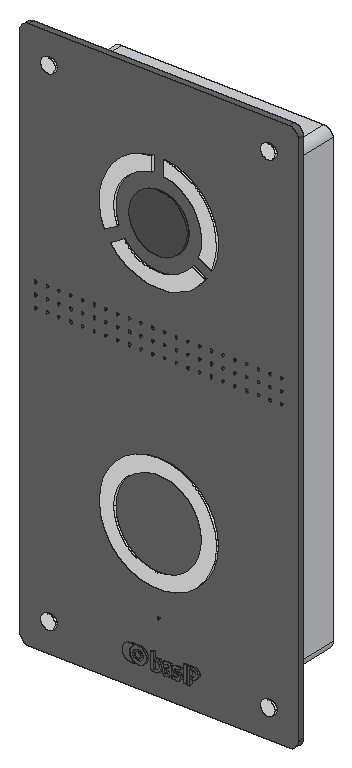
Revit family "BAS-IP_Вызывная панель_AV-04FDI", category Устройства связи, Revit 2019
Family settings
  Сохранять ориентацию аннотаций = Нет
  Размер круглого соединителя = Использовать диаметр
  Тип детали = Нормальный
  На основе рабочей плоскости = Нет
  Всегда вертикально = Да
  При загрузке вырезать с полостями = Нет
  Общий = Нет
  Точка расчета площади = Нет
Parameters (values of type "Черный")
  Цветовое решение = "Черный"
  Угол обзора камеры = "100° (по горизонтали)"
  УГО_Смещение_Y [instance] = 0 mm
  УГО_Смещение_X [instance] = 0 mm
  Тип установки = "Скрытого монтажа"
  Тип панели = "Индивидуальная"
  Температурный режим = "-40 – +65 °С"
  Разрешение = "2 Мп"
  Размер самой панели = "95 x 190 x 27 мм"
  Размер под установку = "85 × 180 × 45 мм"
  Потребление питания = "6,5 Вт, в режиме ожидания - 3,6 Вт"
  Питание = "IEEE 803.2af PoE, +12 В постоянного тока"
  Ночная подсветка = "6 светодиодов"
  Минимальная освещенность = "0,01 Люкс"
  Корпус = "Алюминий"
  Класс степени защиты = "IP65"
  Камера = "1/4”"
  Изготовитель = "BAS-IP"  # constant formula
  Зона обслуживания [instance] = no
  Дисплей = "Нет"
  Выходное видео = "HD (1280 × 720), H.264 Main Profile"
  IK-код = "IK07"
  ADSK_Размер_Смещение от уровня [instance] = 1000 mm
  ADSK_Примечание [instance] = ""
  ADSK_Позиция [instance] = ""
  ADSK_Наименование = "Индивидуальная панель с возможностью подключения индукционной петли"
  ADSK_Материал = Black silver
  ADSK_Марка = "AV-04FDI Black"
  ADSK_Количество = 1  # constant formula
  ADSK_Код изделия = ""
  ADSK_Завод-изготовитель = "BAS-IP"  # constant formula
  ADSK_Единица измерения = "шт."  # constant formula
Types (2, lengths in mm): name | Цветовое решение | ADSK_Материал | ADSK_Марка
  Серебристый | "Серебристый" | Silver | "AV-04FDI Silver"
  Черный | "Черный" | Black silver | "AV-04FDI Black"
Reference planes
  plane 1 "По центру (Вперед/Назад)": y = 0
  plane 2: z = 0
  plane 3 "По центру (Влево/Вправо)": x = 0
  plane 4: z = 1000
  plane 5: z = 0
  plane 6: y = 0
  plane 7: x = 0
Forms (mm)
  Extrusion 1, solid, material "Black silver" <- "ADSK_Материал", detail levels medium+fine
    sketch origin (0, 0, 1000) x (1, 0, 0) y (0, 0, 1)
      loop
        line (-44.5, 0) -> (44.5, 0)
        arc (44.5, 0) -> (46.621, 0.879) -> (47.5, 3) r 3
        line (47.5, 3) -> (47.5, 187)
        arc (47.5, 187) -> (46.621, 189.121) -> (44.5, 190) r 3
        line (44.5, 190) -> (-44.5, 190)
        arc (-44.5, 190) -> (-46.621, 189.121) -> (-47.5, 187) r 3
        line (-47.5, 187) -> (-47.5, 3)
        arc (-47.5, 3) -> (-46.621, 0.879) -> (-44.5, 0) r 3
    from 0 to 2
  Extrusion 2, solid, detail levels medium+fine
    sketch origin (0, 0, 1000) x (1, 0, 0) y (0, 0, 1)
      loop
        arc (-34.5, 175) -> (-36.621, 174.121) -> (-37.5, 172) r 3
        line (-37.5, 172) -> (-37.5, 18)
        arc (-37.5, 18) -> (-36.621, 15.879) -> (-34.5, 15) r 3
        line (-34.5, 15) -> (34.5, 15)
        arc (34.5, 15) -> (36.621, 15.879) -> (37.5, 18) r 3
        line (37.5, 18) -> (37.5, 172)
        arc (37.5, 172) -> (36.621, 174.121) -> (34.5, 175) r 3
        line (34.5, 175) -> (-34.5, 175)
    from -25 to 0
  Extrusion 3, void
    sketch origin (0, 0, 1006.875) x (1, 0, 0) y (0, 0, 1)
      loop
        circle (0, 17.16) r 0.5
    from 1 to 2
  Extrusion 4, solid, material "Black", detail levels fine
    sketch origin (0, 0.5, 1010) x (1, 0, 0) y (0, 0, 1)
      loop
        circle (0, 135.001) r 10
    from 2 to 3
  Extrusion 5, solid, material "White", detail levels fine
    sketch origin (0, 0.5, 1010) x (1, 0, 0) y (0, 0, 1)
      loop
        arc (-2, 154.901) -> (-17.321, 145.001) -> (-18.234, 126.783) r 20
        line (-18.234, 126.783) -> (-13.874, 129.3)
        arc (-13.874, 129.3) -> (-12.99, 142.501) -> (-2, 149.867) r 15
        line (-2, 149.867) -> (-2, 154.901)
      loop
        line (2, 154.901) -> (2, 149.867)
        arc (2, 149.867) -> (12.99, 142.501) -> (13.874, 129.3) r 15
        line (13.874, 129.3) -> (18.234, 126.783)
        arc (18.234, 126.783) -> (17.321, 145.001) -> (2, 154.901) r 20
      loop
        line (16.234, 123.319) -> (11.874, 125.836)
        arc (11.874, 125.836) -> (0, 120.001) -> (-11.874, 125.836) r 15
        line (-11.874, 125.836) -> (-16.234, 123.319)
        arc (-16.234, 123.319) -> (0, 115.001) -> (16.234, 123.319) r 20
    from 2 to 3
  Extrusion 6, void
    sketch origin (0, 0, 1001.562) x (1, 0, 0) y (0, 0, 1)
      loop
        circle (-2, 110.476) r 0.5
      loop
        circle (-6, 110.476) r 0.5
      loop
        circle (-10, 110.476) r 0.5
      loop
        circle (2, 110.476) r 0.5
      loop
        circle (6, 110.476) r 0.5
      loop
        circle (10, 110.476) r 0.5
      loop
        circle (-2, 106.476) r 0.5
      loop
        circle (-6, 106.476) r 0.5
      loop
        circle (-10, 106.476) r 0.5
      loop
        circle (2, 106.476) r 0.5
      loop
        circle (6, 106.476) r 0.5
      loop
        circle (10, 106.476) r 0.5
      loop
        circle (-2, 102.476) r 0.5
      loop
        circle (-6, 102.476) r 0.5
      loop
        circle (-10, 102.476) r 0.5
      loop
        circle (2, 102.476) r 0.5
      loop
        circle (6, 102.476) r 0.5
      loop
        circle (10, 102.476) r 0.5
    from 0 to 2
  Extrusion 7, void
    sketch origin (-23.971, 0, 1001.562) x (1, 0, 0) y (0, 0, 1)
      loop
        circle (-2, 110.476) r 0.5
      loop
        circle (-6, 110.476) r 0.5
      loop
        circle (-10, 110.476) r 0.5
      loop
        circle (2, 110.476) r 0.5
      loop
        circle (6, 110.476) r 0.5
      loop
        circle (10, 110.476) r 0.5
      loop
        circle (-2, 106.476) r 0.5
      loop
        circle (-6, 106.476) r 0.5
      loop
        circle (-10, 106.476) r 0.5
      loop
        circle (2, 106.476) r 0.5
      loop
        circle (6, 106.476) r 0.5
      loop
        circle (10, 106.476) r 0.5
      loop
        circle (-2, 102.476) r 0.5
      loop
        circle (-6, 102.476) r 0.5
      loop
        circle (-10, 102.476) r 0.5
      loop
        circle (2, 102.476) r 0.5
      loop
        circle (6, 102.476) r 0.5
      loop
        circle (10, 102.476) r 0.5
      loop
        circle (-14, 110.476) r 0.5
      loop
        circle (-14, 106.476) r 0.5
      loop
        circle (-14, 102.476) r 0.5
      loop
        circle (-18, 110.476) r 0.5
      loop
        circle (-18, 106.476) r 0.5
      loop
        circle (-18, 102.476) r 0.5
      loop
        circle (49.941, 110.476) r 0.5
      loop
        circle (53.941, 110.476) r 0.5
      loop
        circle (57.941, 110.476) r 0.5
      loop
        circle (45.941, 110.476) r 0.5
      loop
        circle (41.941, 110.476) r 0.5
      loop
        circle (37.941, 110.476) r 0.5
      loop
        circle (49.941, 106.476) r 0.5
      loop
        circle (53.941, 106.476) r 0.5
      loop
        circle (57.941, 106.476) r 0.5
      loop
        circle (45.941, 106.476) r 0.5
      loop
        circle (41.941, 106.476) r 0.5
      loop
        circle (37.941, 106.476) r 0.5
      loop
        circle (49.941, 102.476) r 0.5
      loop
        circle (53.941, 102.476) r 0.5
      loop
        circle (57.941, 102.476) r 0.5
      loop
        circle (45.941, 102.476) r 0.5
      loop
        circle (41.941, 102.476) r 0.5
      loop
        circle (37.941, 102.476) r 0.5
      loop
        circle (61.941, 110.476) r 0.5
      loop
        circle (61.941, 106.476) r 0.5
      loop
        circle (61.941, 102.476) r 0.5
      loop
        circle (65.941, 110.476) r 0.5
      loop
        circle (65.941, 106.476) r 0.5
      loop
        circle (65.941, 102.476) r 0.5
    from 1 to 2
  Extrusion 8, solid, material "White", detail levels fine
    sketch origin (0, 0.5, 1008.125) x (1, 0, 0) y (0, 0, 1)
      loop
        circle (0, 45.001) r 20
      loop
        circle (0, 45.001) r 15
    from 2 to 3
  Extrusion 9, solid, material "Gray silver", detail levels fine
    sketch origin (0, 0, 1000) x (1, 0, 0) y (0, 0, 1)
      loop
        circle (-37.5, 180) r 2.5
      loop
        circle (37.5, 180) r 2.5
      loop
        circle (-37.5, 10) r 2.5
      loop
        circle (37.5, 10) r 2.5
    from 0 to 2.5
  Extrusion 10, solid, material "Black silver" <- "ADSK_Материал", not visible, detail levels medium+fine
    sketch origin (0, 0, 0) x (1, 0, 0) y (0, 0, 1)
      loop
        line (-44.5, 0) -> (44.5, 0)
        arc (44.5, 0) -> (46.621, 0.879) -> (47.5, 3) r 3
        line (47.5, 3) -> (47.5, 187)
        arc (47.5, 187) -> (46.621, 189.121) -> (44.5, 190) r 3
        line (44.5, 190) -> (-44.5, 190)
        arc (-44.5, 190) -> (-46.621, 189.121) -> (-47.5, 187) r 3
        line (-47.5, 187) -> (-47.5, 3)
        arc (-47.5, 3) -> (-46.621, 0.879) -> (-44.5, 0) r 3
    from 0 to 2
  Extrusion 11, solid, not visible, detail levels medium+fine
    sketch origin (0, 0, 0) x (1, 0, 0) y (0, 0, 1)
      loop
        arc (-34.5, 175) -> (-36.621, 174.121) -> (-37.5, 172) r 3
        line (-37.5, 172) -> (-37.5, 18)
        arc (-37.5, 18) -> (-36.621, 15.879) -> (-34.5, 15) r 3
        line (-34.5, 15) -> (34.5, 15)
        arc (34.5, 15) -> (36.621, 15.879) -> (37.5, 18) r 3
        line (37.5, 18) -> (37.5, 172)
        arc (37.5, 172) -> (36.621, 174.121) -> (34.5, 175) r 3
        line (34.5, 175) -> (-34.5, 175)
    from -25 to 0
  Extrusion 12, void, not visible
    sketch origin (0, 0, 6.875) x (1, 0, 0) y (0, 0, 1)
      loop
        circle (0, 17.16) r 0.5
    from 1 to 2
  Extrusion 13, solid, material "Black", not visible, detail levels fine
    sketch origin (0, 0.5, 10) x (1, 0, 0) y (0, 0, 1)
      loop
        circle (0, 135.001) r 10
    from 2 to 3
  Extrusion 14, solid, material "White", not visible, detail levels fine
    sketch origin (0, 0.5, 10) x (1, 0, 0) y (0, 0, 1)
      loop
        arc (-2, 154.901) -> (-17.321, 145.001) -> (-18.234, 126.783) r 20
        line (-18.234, 126.783) -> (-13.874, 129.3)
        arc (-13.874, 129.3) -> (-12.99, 142.501) -> (-2, 149.867) r 15
        line (-2, 149.867) -> (-2, 154.901)
      loop
        line (2, 154.901) -> (2, 149.867)
        arc (2, 149.867) -> (12.99, 142.501) -> (13.874, 129.3) r 15
        line (13.874, 129.3) -> (18.234, 126.783)
        arc (18.234, 126.783) -> (17.321, 145.001) -> (2, 154.901) r 20
      loop
        line (16.234, 123.319) -> (11.874, 125.836)
        arc (11.874, 125.836) -> (0, 120.001) -> (-11.874, 125.836) r 15
        line (-11.874, 125.836) -> (-16.234, 123.319)
        arc (-16.234, 123.319) -> (0, 115.001) -> (16.234, 123.319) r 20
    from 2 to 3
  Extrusion 15, void, not visible
    sketch origin (0, 0, 1.562) x (1, 0, 0) y (0, 0, 1)
      loop
        circle (-2, 110.476) r 0.5
      loop
        circle (-6, 110.476) r 0.5
      loop
        circle (-10, 110.476) r 0.5
      loop
        circle (2, 110.476) r 0.5
      loop
        circle (6, 110.476) r 0.5
      loop
        circle (10, 110.476) r 0.5
      loop
        circle (-2, 106.476) r 0.5
      loop
        circle (-6, 106.476) r 0.5
      loop
        circle (-10, 106.476) r 0.5
      loop
        circle (2, 106.476) r 0.5
      loop
        circle (6, 106.476) r 0.5
      loop
        circle (10, 106.476) r 0.5
      loop
        circle (-2, 102.476) r 0.5
      loop
        circle (-6, 102.476) r 0.5
      loop
        circle (-10, 102.476) r 0.5
      loop
        circle (2, 102.476) r 0.5
      loop
        circle (6, 102.476) r 0.5
      loop
        circle (10, 102.476) r 0.5
    from 0 to 2
  Extrusion 16, void, not visible
    sketch origin (-23.971, 0, 1.563) x (1, 0, 0) y (0, 0, 1)
      loop
        circle (-2, 110.476) r 0.5
      loop
        circle (-6, 110.476) r 0.5
      loop
        circle (-10, 110.476) r 0.5
      loop
        circle (2, 110.476) r 0.5
      loop
        circle (6, 110.476) r 0.5
      loop
        circle (10, 110.476) r 0.5
      loop
        circle (-2, 106.476) r 0.5
      loop
        circle (-6, 106.476) r 0.5
      loop
        circle (-10, 106.476) r 0.5
      loop
        circle (2, 106.476) r 0.5
      loop
        circle (6, 106.476) r 0.5
      loop
        circle (10, 106.476) r 0.5
      loop
        circle (-2, 102.476) r 0.5
      loop
        circle (-6, 102.476) r 0.5
      loop
        circle (-10, 102.476) r 0.5
      loop
        circle (2, 102.476) r 0.5
      loop
        circle (6, 102.476) r 0.5
      loop
        circle (10, 102.476) r 0.5
      loop
        circle (-14, 110.476) r 0.5
      loop
        circle (-14, 106.476) r 0.5
      loop
        circle (-14, 102.476) r 0.5
      loop
        circle (-18, 110.476) r 0.5
      loop
        circle (-18, 106.476) r 0.5
      loop
        circle (-18, 102.476) r 0.5
      loop
        circle (49.941, 110.476) r 0.5
      loop
        circle (53.941, 110.476) r 0.5
      loop
        circle (57.941, 110.476) r 0.5
      loop
        circle (45.941, 110.476) r 0.5
      loop
        circle (41.941, 110.476) r 0.5
      loop
        circle (37.941, 110.476) r 0.5
      loop
        circle (49.941, 106.476) r 0.5
      loop
        circle (53.941, 106.476) r 0.5
      loop
        circle (57.941, 106.476) r 0.5
      loop
        circle (45.941, 106.476) r 0.5
      loop
        circle (41.941, 106.476) r 0.5
      loop
        circle (37.941, 106.476) r 0.5
      loop
        circle (49.941, 102.476) r 0.5
      loop
        circle (53.941, 102.476) r 0.5
      loop
        circle (57.941, 102.476) r 0.5
      loop
        circle (45.941, 102.476) r 0.5
      loop
        circle (41.941, 102.476) r 0.5
      loop
        circle (37.941, 102.476) r 0.5
      loop
        circle (61.941, 110.476) r 0.5
      loop
        circle (61.941, 106.476) r 0.5
      loop
        circle (61.941, 102.476) r 0.5
      loop
        circle (65.941, 110.476) r 0.5
      loop
        circle (65.941, 106.476) r 0.5
      loop
        circle (65.941, 102.476) r 0.5
    from 1 to 2
  Extrusion 17, solid, material "White", not visible, detail levels fine
    sketch origin (0, 0.5, 8.125) x (1, 0, 0) y (0, 0, 1)
      loop
        circle (0, 45.001) r 20
      loop
        circle (0, 45.001) r 15
    from 2 to 3
  Extrusion 18, solid, material "Gray silver", not visible, detail levels fine
    sketch origin (0, 0, 0) x (1, 0, 0) y (0, 0, 1)
      loop
        circle (-37.5, 180) r 2.5
      loop
        circle (37.5, 180) r 2.5
      loop
        circle (-37.5, 10) r 2.5
      loop
        circle (37.5, 10) r 2.5
    from 0 to 2.5
Cuts and joins
  Extrusion 3, Extrusion 6, Extrusion 7 cuts Extrusion 1
  Extrusion 3, Extrusion 6 cuts Extrusion 2
Dimensions and locks
  "ADSK_Размер_Смещение от уровня": plane 4 to plane 2
  "УГО_Смещение_X": plane 3 "По центру (Влево/Вправо)" to plane 7
  "УГО_Смещение_Y": plane 6 to plane 1 "По центру (Вперед/Назад)"
  aligned and locked: level to plane 2
  aligned and locked: nested 5 to plane 6
  aligned and locked: plane 7 to nested 5
Automatic sketch dimensions
  Extrusion 1 sketch curve to plane 4 = 0 mm
  plane 4 to Extrusion 1 sketch curve = 187 mm
  Extrusion 1 sketch curve to Extrusion 1 sketch curve = 3 mm  (x2)
  Extrusion 1 sketch curve to Extrusion 1 sketch curve = 89 mm  (x2)
  plane 4 to Extrusion 1 sketch curve = 3 mm
  plane 4 to Extrusion 2 sketch curve = 18 mm
  Extrusion 2 sketch curve to Extrusion 2 sketch curve = 3 mm  (x3)
  Extrusion 2 sketch curve to Extrusion 2 sketch curve = 69 mm  (x2)
  Extrusion 2 sketch curve to Extrusion 2 sketch curve = 154 mm
  plane 4 to Extrusion 3 sketch curve = 24.035 mm
  plane 4 to Extrusion 4 sketch curve = 145.001 mm
  Extrusion 5 sketch curve to Extrusion 5 sketch curve = 0 mm  (x30)
  plane 4 to Extrusion 5 sketch curve = 136.783 mm  (x2)
  plane 4 to Extrusion 5 sketch curve = 133.319 mm  (x2)
  Extrusion 5 sketch curve to Extrusion 5 sketch curve = 2 mm  (x4)
  plane 4 to Extrusion 5 sketch curve = 139.3 mm  (x2)
  Extrusion 5 sketch curve to Extrusion 5 sketch curve = 4.359 mm
  plane 4 to Extrusion 5 sketch curve = 135.836 mm  (x2)
  Extrusion 5 sketch curve to Extrusion 5 sketch curve = 11.874 mm  (x2)
  Extrusion 5 sketch curve to Extrusion 5 sketch curve = 4 mm
  Extrusion 5 sketch curve to Extrusion 5 sketch curve = 9.165 mm
  plane 4 to Extrusion 6 sketch curve = 108.039 mm
  Extrusion 6 sketch curve to Extrusion 6 sketch curve = 0 mm  (x14)
  Extrusion 6 sketch curve to Extrusion 6 sketch curve = 4 mm  (x20)
  plane 4 to Extrusion 7 sketch curve = 108.039 mm
  Extrusion 7 sketch curve to Extrusion 7 sketch curve = 0 mm  (x42)
  Extrusion 7 sketch curve to Extrusion 7 sketch curve = 4 mm  (x51)
  Extrusion 7 sketch curve to Extrusion 7 sketch curve = 27.941 mm
  Extrusion 8 sketch curve to Extrusion 8 sketch curve = 0 mm  (x2)
  plane 4 to Extrusion 8 sketch curve = 53.126 mm
  plane 4 to Extrusion 9 sketch curve = 10 mm  (x2)
  Extrusion 9 sketch curve to Extrusion 9 sketch curve = 0 mm  (x2)
  Extrusion 9 sketch curve to Extrusion 9 sketch curve = 75 mm  (x2)
  Extrusion 9 sketch curve to Extrusion 9 sketch curve = 170 mm
  Extrusion 10 sketch curve to plane 5 = 0 mm
  plane 5 to Extrusion 10 sketch curve = 187 mm
  Extrusion 10 sketch curve to Extrusion 10 sketch curve = 3 mm  (x2)
  Extrusion 10 sketch curve to Extrusion 10 sketch curve = 89 mm  (x2)
  plane 5 to Extrusion 10 sketch curve = 3 mm
  plane 5 to Extrusion 11 sketch curve = 18 mm
  Extrusion 11 sketch curve to Extrusion 11 sketch curve = 3 mm  (x3)
  Extrusion 11 sketch curve to Extrusion 11 sketch curve = 69 mm  (x2)
  Extrusion 11 sketch curve to Extrusion 11 sketch curve = 154 mm
  plane 5 to Extrusion 12 sketch curve = 24.035 mm
  plane 5 to Extrusion 13 sketch curve = 145.001 mm
  Extrusion 14 sketch curve to Extrusion 14 sketch curve = 0 mm  (x30)
  plane 5 to Extrusion 14 sketch curve = 136.783 mm  (x2)
  plane 5 to Extrusion 14 sketch curve = 133.319 mm  (x2)
  Extrusion 14 sketch curve to Extrusion 14 sketch curve = 2 mm  (x4)
  plane 5 to Extrusion 14 sketch curve = 139.3 mm  (x2)
  Extrusion 14 sketch curve to Extrusion 14 sketch curve = 4.359 mm
  plane 5 to Extrusion 14 sketch curve = 135.836 mm  (x2)
  Extrusion 14 sketch curve to Extrusion 14 sketch curve = 11.874 mm  (x2)
  Extrusion 14 sketch curve to Extrusion 14 sketch curve = 4 mm
  Extrusion 14 sketch curve to Extrusion 14 sketch curve = 9.165 mm
  plane 5 to Extrusion 15 sketch curve = 108.039 mm
  Extrusion 15 sketch curve to Extrusion 15 sketch curve = 0 mm  (x14)
  Extrusion 15 sketch curve to Extrusion 15 sketch curve = 4 mm  (x20)
  plane 5 to Extrusion 16 sketch curve = 108.039 mm
  Extrusion 16 sketch curve to Extrusion 16 sketch curve = 0 mm  (x42)
  Extrusion 16 sketch curve to Extrusion 16 sketch curve = 4 mm  (x51)
  Extrusion 16 sketch curve to Extrusion 16 sketch curve = 27.941 mm
  Extrusion 17 sketch curve to Extrusion 17 sketch curve = 0 mm  (x2)
  plane 5 to Extrusion 17 sketch curve = 53.126 mm
  plane 5 to Extrusion 18 sketch curve = 10 mm  (x2)
  Extrusion 18 sketch curve to Extrusion 18 sketch curve = 0 mm  (x2)
  Extrusion 18 sketch curve to Extrusion 18 sketch curve = 75 mm  (x2)
  Extrusion 18 sketch curve to Extrusion 18 sketch curve = 170 mm
  radius of Extrusion 3 sketch curve = 0.5 mm
  radius of Extrusion 4 sketch curve = 10 mm
  radius of Extrusion 6 sketch curve = 0.5 mm  (x18)
  radius of Extrusion 7 sketch curve = 0.5 mm  (x48)
  radius of Extrusion 8 sketch curve = 20 mm
  radius of Extrusion 8 sketch curve = 15 mm
  radius of Extrusion 9 sketch curve = 2.5 mm  (x4)
  radius of Extrusion 12 sketch curve = 0.5 mm
  radius of Extrusion 13 sketch curve = 10 mm
  radius of Extrusion 15 sketch curve = 0.5 mm  (x18)
  radius of Extrusion 16 sketch curve = 0.5 mm  (x48)
  radius of Extrusion 17 sketch curve = 20 mm
  radius of Extrusion 17 sketch curve = 15 mm
  radius of Extrusion 18 sketch curve = 2.5 mm  (x4)
Nested families
  nested 1: "BAS-IP_Logo_S" at (1.25, -1.5, 1007.412), Материал <- "ADSK_Материал", type "BAS-IP_Logo_S", detail levels fine
    with Материал Black silver
  nested 2: "Зона обслуживания" at (0, 0, 950), visible <- "Зона обслуживания", type "Зона обслуживания", detail levels fine
    with ADSK_Размер_Ширина 195 mm, ADSK_Размер_Высота 290 mm
  nested 3: "BAS-IP_Logo_S" at (1.25, -1.5, 7.412), Материал <- "ADSK_Материал", type "BAS-IP_Logo_S", not visible, detail levels fine
    with Материал Black silver
  nested 4: "Зона обслуживания" at (0, 0, -50), visible <- "Зона обслуживания", type "Зона обслуживания", not visible, detail levels fine
    with ADSK_Размер_Ширина 195 mm, ADSK_Размер_Высота 290 mm
  nested 5: "УГО_Вызывная панель" at (0, 0, 0), type "УГО_Вызывная панель", detail levels coarse+medium
Connectors
  electrical at (0, 12.5, 1015)
    settings: on cut or joined group of Extrusion 2, Extrusion 3, Extrusion 6, index 1, voltage 0 V, apparent load 0 VA, apparent load phase1 0 VA, apparent load phase2 0 VA, apparent load phase3 0 VA, power factor 1, load classification "Прочее", number of poles 1, system type 12, power factor state 1, is connector primary yes, connector utility no, sub classification motor no, connector description ""
Definition of nested family "BAS-IP_Logo_S"
  Parameters (values of type "BAS-IP_Logo_S")
    Материал [instance] = none
  Reference planes
    plane 1 "По центру (Вперед/Назад)": y = 0
    plane 2: z = 0
    plane 3 "По центру (Влево/Вправо)": x = 0
  Forms (mm)
    Extrusion 1, solid, material <- "Материал"
      sketch origin (-6.577, 0, -7.331) x (1, 0, 0) y (0, 0, 1)
        loop
          circle (-1.452, 10.426) r 2.917
        loop
          circle (-1.452, 10.426) r 1.823
        loop
          circle (-1.452, 10.426) r 0.907
        loop
          line (2.897, 13.369) -> (2.897, 7.626)
          arc (2.897, 7.626) -> (4.378, 7.331) -> (5.829, 7.75) r 3.194
          arc (5.829, 7.75) -> (6.556, 9.353) -> (6.13, 11.061) r 2.674
          arc (6.13, 11.061) -> (4.872, 11.67) -> (3.741, 10.847) r 1.36
          line (3.741, 10.847) -> (3.741, 13.369) -> (2.897, 13.369)
        loop
          line (9.211, 9.975) -> (7.991, 9.975)
          arc (7.991, 9.975) -> (6.849, 8.828) -> (7.615, 7.403) r 1.358
          line (7.615, 7.403) -> (9.943, 7.403)
          spline (9.943, 7.403) -> (10.042, 8.877) -> (10.055, 9.915) -> (9.997, 10.601) -> (9.886, 11.019) -> (9.737, 11.256) -> (9.568, 11.394) -> (9.385, 11.5) -> (9.169, 11.588) -> (8.896, 11.659) -> (8.521, 11.71) -> (7.969, 11.725) -> (7.158, 11.687)
          line (7.158, 11.687) -> (7.158, 10.887) -> (8.571, 10.887)
          arc (8.571, 10.887) -> (9.157, 10.617) -> (9.211, 9.975) r 0.64
        loop
          line (9.25, 9.484) -> (8.048, 9.484)
          arc (8.048, 9.484) -> (7.606, 8.736) -> (8.048, 7.988) r 0.854
          line (8.048, 7.988) -> (9.25, 7.988) -> (9.25, 9.484)
        loop
          line (3.741, 10.21) -> (3.741, 7.988)
          spline (3.741, 7.988) -> (4.72, 8.077) -> (5.267, 8.31) -> (5.573, 8.641) -> (5.734, 9.045) -> (5.806, 9.508) -> (5.807, 9.99) -> (5.705, 10.408) -> (5.485, 10.703) -> (5.195, 10.895) -> (4.844, 10.985) -> (4.33, 10.884) -> (3.741, 10.21)
        loop
          spline (13.018, 11.649) -> (11.419, 11.695) -> (10.875, 11.521) -> (10.489, 11.179) -> (10.305, 10.688) -> (10.406, 10.198) -> (10.752, 9.835) -> (11.372, 9.476) -> (12.029, 9.086) -> (12.384, 8.702) -> (12.37, 8.376) -> (11.859, 8.127) -> (10.354, 8.165)
          line (10.354, 8.165) -> (10.284, 7.368)
          spline (10.284, 7.368) -> (11.866, 7.357) -> (12.634, 7.611) -> (13.056, 8.054) -> (13.185, 8.589) -> (13.044, 9.098) -> (12.719, 9.467) -> (12.225, 9.735) -> (11.625, 10.002) -> (11.161, 10.338) -> (11.097, 10.694) -> (11.676, 10.917) -> (12.949, 10.853)
          line (12.949, 10.853) -> (13.018, 11.649)
        loop
          line (14.214, 13.23) -> (14.214, 7.403) -> (15.003, 7.403) -> (15.003, 13.23) -> (14.214, 13.23)
        loop
          line (15.425, 13.23) -> (15.425, 7.403) -> (16.26, 7.403) -> (16.26, 9.541) -> (17.223, 9.541)
          arc (17.223, 9.541) -> (19.068, 11.385) -> (17.223, 13.23) r 1.844
          line (17.223, 13.23) -> (15.425, 13.23)
        loop
          line (16.26, 10.169) -> (17.186, 10.169)
          arc (17.186, 10.169) -> (18.222, 11.249) -> (17.419, 12.511) r 1.211
          line (17.419, 12.511) -> (16.26, 12.511) -> (16.26, 10.169)
      from 0 to 1
    Extrusion 2, solid, material <- "Материал"
      sketch origin (-0.313, 0, -1.028) x (1, 0, 0) y (0, 0, 1)
        loop
          arc (-8.967, 6.758) -> (-13.134, 4.123) -> (-8.967, 1.487) r 2.917
          arc (-8.967, 1.487) -> (-10.634, 4.123) -> (-8.967, 6.758) r 2.917
      from 0 to 1
  Dimensions and locks
    aligned and locked: level to plane 2
Definition of nested family "Зона обслуживания"
  Parameters (values of type "Семейство1")
    Зона обслуживания = none
    ADSK_Размер_Ширина = 200 mm
    ADSK_Размер_Глубина = 120 mm
    ADSK_Размер_Высота = 250 mm
  Reference planes
    plane 1 "По центру (Вперед/Назад)": y = 0
    plane 2: z = 0
    plane 3 "По центру (Влево/Вправо)": x = 0
  Forms (mm)
    Extrusion 1, solid, material <- "Зона обслуживания"
      sketch origin (0, 0, 0) x (1, 0, 0) y (0, 1, 0)
        loop
          line (-100, 0) -> (-100, -120) -> (100, -120) -> (100, 0) -> (-100, 0)
      from 0 to 250 <- "ADSK_Размер_Высота"
  Dimensions and locks
    "ADSK_Размер_Глубина": Extrusion 1 sketch curve to plane 1 "По центру (Вперед/Назад)"
    equal spacing: Extrusion 1 sketch curve, plane 3 "По центру (Влево/Вправо)", Extrusion 1 sketch curve
    "ADSK_Размер_Ширина": Extrusion 1 sketch curve to Extrusion 1 sketch curve
    aligned and locked: level to plane 2
  Automatic sketch dimensions
    plane 1 "По центру (Вперед/Назад)" to Extrusion 1 sketch curve = 0 mm
Definition of nested family "УГО_Вызывная панель"
  Reference planes
    plane 1: y = 0
    plane 2: x = 0
  Lines and regions (mm)
    detail lines
      curve 1: line (-2, 0, 0) -> (2, 0, 0)
      curve 2: line (-2.5, -6.5, 0) -> (-2.5, -0.5, 0)
      curve 3: line (2, -7, 0) -> (-2, -7, 0)
      curve 4: line (2.5, -0.5, 0) -> (2.5, -6.5, 0)
      curve 5: arc (2, 0, 0) -> (2.354, -0.146, 0) -> (2.5, -0.5, 0) r 0.5
      curve 6: arc (-2.5, -0.5, 0) -> (-2.354, -0.146, 0) -> (-2, 0, 0) r 0.5
      curve 7: arc (-2, -7, 0) -> (-2.354, -6.854, 0) -> (-2.5, -6.5, 0) r 0.5
      curve 8: arc (2.5, -6.5, 0) -> (2.354, -6.854, 0) -> (2, -7, 0) r 0.5
      curve 9: line (-1.5, -3.39, 0) -> (1.5, -3.39, 0)
      curve 10: line (-1.5, -5.79, 0) -> (-1.5, -3.39, 0)
      curve 11: line (1.5, -5.19, 0) -> (-1.5, -5.19, 0)
      curve 12: line (1.5, -3.39, 0) -> (1.5, -5.79, 0)
      curve 13: circle (0, -1.5, 0) r 0.6 normal (0, 0, 1)
      curve 14: line (-1.5, -3.99, 0) -> (1.5, -3.99, 0)
      curve 15: line (-1.5, -4.59, 0) -> (1.5, -4.59, 0)
      curve 16: line (-0.5, -5.79, 0) -> (-0.5, -3.39, 0)
      curve 17: line (0.5, -5.79, 0) -> (0.5, -3.39, 0)
      curve 18: line (1.5, -5.79, 0) -> (-1.5, -5.79, 0)
